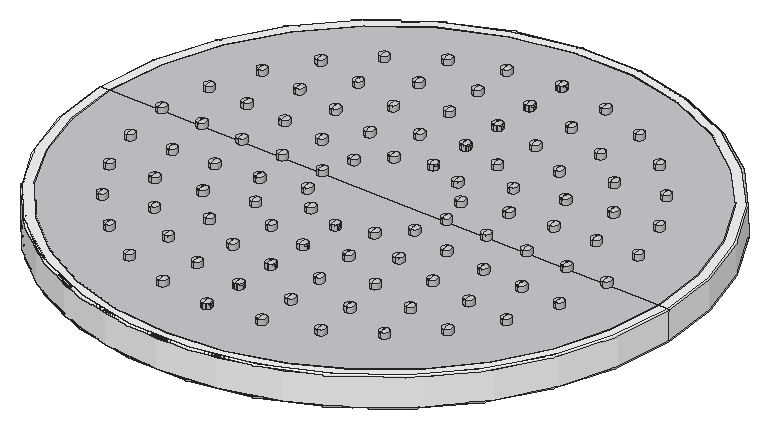
Revit family "Reece_Shower_GROHE_Tempesta_Overhead Shower", category Plumbing Fixtures, host Face, Revit 2018
Family settings
  Host = Face
  Round Connector Dimension = Use Diameter
  Part Type = Normal
  Cut with Voids When Loaded = No
  Shared = Yes
  Room Calculation Point = Yes
Parameters (values of type "Chrome_White Face")
  WFU = 0  # constant formula
  URL = "https://www.reece.com.au/product/-9508617"
  Type Comments = "Shower"
  Reece_Shower_Inlet = 12 mm  # constant formula
  Reece_Product_Web Page = "https://www.reece.com.au/product/-9508617"
  Reece_Product_Type = "Shower"  # constant formula
  Reece_Product_Sub Brand = "Tempesta"  # constant formula
  Reece_Product_Number = "9508617"
  Reece_Product_Mount = "Ceiling Mounted"
  Reece_Product_Description = "GROHE Tempesta Cosmo 200mm Overhead Shower White Face (3 Star)"
  Reece_Product_Brand = "GROHE"  # constant formula
  Reece_Overall_Height = 58 mm  # constant formula
  Reece_Overall-Diameter = 200 mm  # constant formula
  Reece_Material_Secondary = Reece_Plastic_White
  Reece_Material_Main [instance] = Reece_Brass_Chrome
  Reece_Detail_Disclaimer = "THIS FILE IS THE PROPERTY OF THE REECE GROUP. IT MAY NOT BE REPRODUCED, REVERSE-ENGINEERED OR MODIFIED. ANY REPUBLICATION, TRANSMISSION OR DISTRIBUTION FOR THE PURPOSE OF COMMERCIALLY EXPLOITING THE FILES IS PROHIBITED."  # constant formula
  Reece_Detail_Additional = "Overhead Shower"  # constant formula
  Model = "Tempesta"
  Manufacturer = "GROHE"
  Keynote = "Product #9508617, Reece_Shower_GROHE_Tempesta_Overhead Shower - Chrome_White Face"
  HWFU = 0  # constant formula
  Disclaimer = "THIS FILE IS THE PROPERTY OF THE REECE GROUP. IT MAY NOT BE REPRODUCED, REVERSE-ENGINEERED OR MODIFIED. ANY REPUBLICATION, TRANSMISSION OR DISTRIBUTION FOR THE PURPOSE OF COMMERCIALLY EXPLOITING THE FILES IS PROHIBITED."  # constant formula
  Description = "GROHE Tempesta Cosmo 200mm Overhead Shower White Face (3 Star)"
  Default Elevation = 0 mm
  CWFU = 0  # constant formula
Reference planes
  plane 1 "Center (Front/Back)": y = 0
  plane 2: z = 0
  plane 3 "Center (Left/Right)": x = -5
  plane 4: y = 100
  plane 5: y = -100
  plane 6: z = 58
  plane 7: x = -105
  plane 8: x = 95
  plane 9: z = 45.4
Forms (mm)
  Revolve 1, solid, material "Reece_Brass_Chrome" <- "Reece_Material_Main"
    sketch origin (0, 0, -187) x (1, 0, 0) y (0, 0, 1)
      loop
        arc (95, 242.411) -> (94.854, 242.765) -> (94.5, 242.911) r 0.5
        line (94.5, 242.911) -> (91.5, 242.911) -> (91.5, 235.638) -> (-5, 235.638) -> (-5, 187) -> (1, 187) -> (1, 191.03) -> (2.047, 191.03) -> (2.047, 187) -> (6.8, 187) -> (6.8, 202.4) -> (3, 202.4) -> (4, 203.4) -> (4, 205.4) -> (3, 206.4) -> (12.5, 206.4) -> (12.5, 220.4) -> (11.5, 220.4) -> (11.5, 221.4) -> (12.5, 221.4) -> (12.5, 230.4)
        arc (12.5, 230.4) -> (14.866, 231.882) -> (17.61, 232.4) r 7.528
        line (17.61, 232.4) -> (94.5, 232.4)
        arc (94.5, 232.4) -> (94.854, 232.546) -> (95, 232.9) r 0.5
        line (95, 232.9) -> (95, 242.411)
      axis (-5, 242.911) -> (-5, 187)
    angle from 0 to 360
  Extrusion 2, void
    sketch origin (0, 0, 15.4) x (1, 0, 0) y (0, 0, 1)
      loop
        line (-1.525, 0) -> (-8.525, 0) -> (-8.525, -4.106)
        arc (-8.525, -4.106) -> (-8.263, -4.738) -> (-7.63, -5) r 0.894
        line (-7.63, -5) -> (-2.39, -5)
        arc (-2.39, -5) -> (-1.778, -4.746) -> (-1.525, -4.134) r 0.866
        line (-1.525, -4.134) -> (-1.525, 0)
    from 9.41 to 15.941
  Extrusion 3, void
    sketch origin (0, 0, 15.4) x (1, 0, 0) y (0, 0, -1)
      loop
        line (-1.525, 0) -> (-1.525, 4.134)
        arc (-1.525, 4.134) -> (-1.778, 4.746) -> (-2.39, 5) r 0.866
        line (-2.39, 5) -> (-7.63, 5)
        arc (-7.63, 5) -> (-8.263, 4.738) -> (-8.525, 4.106) r 0.894
        line (-8.525, 4.106) -> (-8.525, 0) -> (-1.525, 0)
    from 9.41 to 15.941
  Revolve 4, solid, material "Reece_Plastic_White" <- "Reece_Material_Secondary"
    sketch origin (0, 0, 0) x (1, 0, 0) y (0, 0, 1)
      loop
        line (-5, 55.911) -> (-5, 48.638) -> (91.351, 48.638) -> (91.351, 55.911) -> (-5, 55.911)
      axis (-5, 48.638) -> (-5, 55.911)
    angle from 0 to 360
Cuts and joins
  Extrusion 2, Extrusion 3 cuts Revolve 1
Text (mm)
  text "Reece Copyright © 2018, Reece Ltd." at (-684.407, -223.434, 0), in view "Ref. Level"
  text "Reece ©" at (-376.822, 575.02, -217.389), in view "Reece_Preview"
Dimensions and locks
  equal spacing: plane 4, plane 1 "Center (Front/Back)", plane 5
  "Reece_Overall-Diameter": plane 4 to plane 5
  "Reece_Overall_Height": plane 6 to level
  "Reece_Overall-Diameter": plane 8 to plane 7
  aligned and locked: host face to plane 2
  aligned and locked: level to host face
Automatic sketch dimensions
  host sketch curve to host sketch curve = 444.296 mm
  host sketch curve to host sketch curve = 436.293 mm
  Extrusion 2 sketch curve to plane 3 "Center (Left/Right)" = 3.525 mm
  Extrusion 2 sketch curve to Extrusion 2 sketch curve = 0.894 mm
  plane 3 "Center (Left/Right)" to Extrusion 2 sketch curve = 2.61 mm
  plane 3 "Center (Left/Right)" to Extrusion 2 sketch curve = 3.475 mm
  level to Extrusion 2 sketch curve = 10.4 mm
  Extrusion 2 sketch curve to Extrusion 2 sketch curve = 4.106 mm
  Extrusion 3 sketch curve to plane 3 "Center (Left/Right)" = 3.525 mm
  Extrusion 3 sketch curve to Extrusion 3 sketch curve = 0.894 mm
  plane 3 "Center (Left/Right)" to Extrusion 3 sketch curve = 2.61 mm
  plane 3 "Center (Left/Right)" to Extrusion 3 sketch curve = 3.475 mm
  level to Extrusion 3 sketch curve = 15.4 mm
  Extrusion 3 sketch curve to Extrusion 3 sketch curve = 4.106 mm
  Revolve 1 sketch curve to plane 3 "Center (Left/Right)" = 0 mm  (x2)
  Revolve 1 sketch curve to level = 0 mm  (x2)
  Revolve 1 sketch curve to plane 9 = 0 mm
  Revolve 1 sketch curve to plane 8 = 0 mm
  plane 3 "Center (Left/Right)" to Revolve 1 sketch curve = 6 mm
  Revolve 1 sketch curve to Revolve 1 sketch curve = 1.047 mm
  plane 3 "Center (Left/Right)" to Revolve 1 sketch curve = 8 mm
  Revolve 1 sketch curve to Revolve 1 sketch curve = 0 mm
  Revolve 1 sketch curve to Revolve 1 sketch curve = 1 mm  (x6)
  Revolve 1 sketch curve to Revolve 1 sketch curve = 2.8 mm
  Revolve 1 sketch curve to Revolve 1 sketch curve = 8.5 mm
  plane 9 to Revolve 1 sketch curve = 2 mm
  Revolve 1 sketch curve to Revolve 1 sketch curve = 5.11 mm
  Revolve 1 sketch curve to plane 8 = 3.5 mm
  Revolve 1 sketch curve to Revolve 1 sketch curve = 0.5 mm
  Revolve 1 sketch curve to plane 8 = 0.5 mm
  level to Revolve 1 sketch curve = 4.03 mm
  Revolve 1 sketch curve to Revolve 1 sketch curve = 11.37 mm
  Revolve 1 sketch curve to Revolve 1 sketch curve = 2 mm
  Revolve 1 sketch curve to Revolve 1 sketch curve = 4.472 mm
  Revolve 1 sketch curve to plane 9 = 3.238 mm
  Revolve 1 sketch curve to plane 6 = 2.589 mm
  Revolve 1 sketch curve to Revolve 1 sketch curve = 796.6 mm
  plane 6 to Revolve 1 sketch curve = 122.4 mm
  Revolve 4 sketch curve to plane 3 "Center (Left/Right)" = 0 mm  (x2)
  Revolve 4 sketch curve to plane 8 = 3.649 mm
  Revolve 4 sketch curve to plane 9 = 3.238 mm
  Revolve 4 sketch curve to plane 6 = 2.089 mm
  Revolve 4 sketch curve to Revolve 4 sketch curve = 0 mm
  Revolve 4 sketch curve to Revolve 4 sketch curve = 0.511 mm
Nested families
  nested 1: "Nib_nested" at (-5, 78.003, 55.911), Reece_Material_Secondary <- "Reece_Material_Secondary", type "Nib_nested"
    with Reece_Material_Secondary Reece_Plastic_White
  nested 2: "Nib_nested" at (-5, 63.902, 55.911), Reece_Material_Secondary <- "Reece_Material_Secondary", type "Nib_nested"
    with Reece_Material_Secondary Reece_Plastic_White
  nested 3: "Nib_nested" at (-5, 49.8, 55.911), Reece_Material_Secondary <- "Reece_Material_Secondary", type "Nib_nested"
    with Reece_Material_Secondary Reece_Plastic_White
  nested 4: "Nib_nested" at (-5, 35.699, 55.911), Reece_Material_Secondary <- "Reece_Material_Secondary", type "Nib_nested"
    with Reece_Material_Secondary Reece_Plastic_White
  nested 5: "Nib_nested" at (-5, 21.597, 55.911), Reece_Material_Secondary <- "Reece_Material_Secondary", type "Nib_nested"
    with Reece_Material_Secondary Reece_Plastic_White
  nested 6: "Nib_nested" at (-22.404, 75.557, 55.911), Reece_Material_Secondary <- "Reece_Material_Secondary", type "Nib_nested"
    with Reece_Material_Secondary Reece_Plastic_White
  nested 7: "Nib_nested" at (-38.695, 69.948, 55.911), Reece_Material_Secondary <- "Reece_Material_Secondary", type "Nib_nested"
    with Reece_Material_Secondary Reece_Plastic_White
  nested 8: "Nib_nested" at (-53.393, 60.403, 55.911), Reece_Material_Secondary <- "Reece_Material_Secondary", type "Nib_nested"
    with Reece_Material_Secondary Reece_Plastic_White
  nested 9: "Nib_nested" at (-65.727, 48.069, 55.911), Reece_Material_Secondary <- "Reece_Material_Secondary", type "Nib_nested"
    with Reece_Material_Secondary Reece_Plastic_White
  nested 10: "Nib_nested" at (-74.792, 33.562, 55.911), Reece_Material_Secondary <- "Reece_Material_Secondary", type "Nib_nested"
    with Reece_Material_Secondary Reece_Plastic_White
  nested 11: "Nib_nested" at (-80.395, 17.291, 55.911), Reece_Material_Secondary <- "Reece_Material_Secondary", type "Nib_nested"
    with Reece_Material_Secondary Reece_Plastic_White
  nested 12: "Nib_nested" at (-21.475, 61.586, 55.911), Reece_Material_Secondary <- "Reece_Material_Secondary", type "Nib_nested"
    with Reece_Material_Secondary Reece_Plastic_White
  nested 13: "Nib_nested" at (-36.953, 55.016, 55.911), Reece_Material_Secondary <- "Reece_Material_Secondary", type "Nib_nested"
    with Reece_Material_Secondary Reece_Plastic_White
  nested 14: "Nib_nested" at (-49.976, 44.842, 55.911), Reece_Material_Secondary <- "Reece_Material_Secondary", type "Nib_nested"
    with Reece_Material_Secondary Reece_Plastic_White
  nested 15: "Nib_nested" at (-60.183, 31.777, 55.911), Reece_Material_Secondary <- "Reece_Material_Secondary", type "Nib_nested"
    with Reece_Material_Secondary Reece_Plastic_White
  nested 16: "Nib_nested" at (-66.39, 16.413, 55.911), Reece_Material_Secondary <- "Reece_Material_Secondary", type "Nib_nested"
    with Reece_Material_Secondary Reece_Plastic_White
  nested 17: "Nib_nested" at (-52.243, 15.424, 55.911), Reece_Material_Secondary <- "Reece_Material_Secondary", type "Nib_nested"
    with Reece_Material_Secondary Reece_Plastic_White
  nested 18: "Nib_nested" at (-37.881, 13.661, 55.911), Reece_Material_Secondary <- "Reece_Material_Secondary", type "Nib_nested"
    with Reece_Material_Secondary Reece_Plastic_White
  nested 19: "Nib_nested" at (-45.411, 29.172, 55.911), Reece_Material_Secondary <- "Reece_Material_Secondary", type "Nib_nested"
    with Reece_Material_Secondary Reece_Plastic_White
  nested 20: "Nib_nested" at (-34.194, 40.389, 55.911), Reece_Material_Secondary <- "Reece_Material_Secondary", type "Nib_nested"
    with Reece_Material_Secondary Reece_Plastic_White
  nested 21: "Nib_nested" at (-20.196, 47.521, 55.911), Reece_Material_Secondary <- "Reece_Material_Secondary", type "Nib_nested"
    with Reece_Material_Secondary Reece_Plastic_White
  nested 22: "Nib_nested" at (-18.629, 32.603, 55.911), Reece_Material_Secondary <- "Reece_Material_Secondary", type "Nib_nested"
    with Reece_Material_Secondary Reece_Plastic_White
  nested 23: "Nib_nested" at (-30.208, 25.084, 55.911), Reece_Material_Secondary <- "Reece_Material_Secondary", type "Nib_nested"
    with Reece_Material_Secondary Reece_Plastic_White
  nested 24: "Nib_nested" at (-23.787, 10.147, 55.911), Reece_Material_Secondary <- "Reece_Material_Secondary", type "Nib_nested"
    with Reece_Material_Secondary Reece_Plastic_White
  nested 25: "Nib_nested" at (-16.232, 18.248, 55.911), Reece_Material_Secondary <- "Reece_Material_Secondary", type "Nib_nested"
    with Reece_Material_Secondary Reece_Plastic_White
  nested 26: "Nib_nested" at (-5, 21.597, 55.911) x (-1, 0, 0) z (0, 0, 1), Reece_Material_Secondary <- "Reece_Material_Secondary", type "Nib_nested"
    with Reece_Material_Secondary Reece_Plastic_White
  nested 27: "Nib_nested" at (-5, 35.699, 55.911) x (-1, 0, 0) z (0, 0, 1), Reece_Material_Secondary <- "Reece_Material_Secondary", type "Nib_nested"
    with Reece_Material_Secondary Reece_Plastic_White
  nested 28: "Nib_nested" at (-5, 49.8, 55.911) x (-1, 0, 0) z (0, 0, 1), Reece_Material_Secondary <- "Reece_Material_Secondary", type "Nib_nested"
    with Reece_Material_Secondary Reece_Plastic_White
  nested 29: "Nib_nested" at (-5, 63.902, 55.911) x (-1, 0, 0) z (0, 0, 1), Reece_Material_Secondary <- "Reece_Material_Secondary", type "Nib_nested"
    with Reece_Material_Secondary Reece_Plastic_White
  nested 30: "Nib_nested" at (-5, 78.003, 55.911) x (-1, 0, 0) z (0, 0, 1), Reece_Material_Secondary <- "Reece_Material_Secondary", type "Nib_nested"
    with Reece_Material_Secondary Reece_Plastic_White
  nested 31: "Nib_nested" at (-5, -78.003, 55.911) x (-1, 0, 0) z (0, 0, 1), Reece_Material_Secondary <- "Reece_Material_Secondary", type "Nib_nested"
    with Reece_Material_Secondary Reece_Plastic_White
  nested 32: "Nib_nested" at (-5, -63.902, 55.911) x (-1, 0, 0) z (0, 0, 1), Reece_Material_Secondary <- "Reece_Material_Secondary", type "Nib_nested"
    with Reece_Material_Secondary Reece_Plastic_White
  nested 33: "Nib_nested" at (-5, -49.8, 55.911) x (-1, 0, 0) z (0, 0, 1), Reece_Material_Secondary <- "Reece_Material_Secondary", type "Nib_nested"
    with Reece_Material_Secondary Reece_Plastic_White
  nested 34: "Nib_nested" at (-5, -35.699, 55.911) x (-1, 0, 0) z (0, 0, 1), Reece_Material_Secondary <- "Reece_Material_Secondary", type "Nib_nested"
    with Reece_Material_Secondary Reece_Plastic_White
  nested 35: "Nib_nested" at (-5, -21.597, 55.911) x (-1, 0, 0) z (0, 0, 1), Reece_Material_Secondary <- "Reece_Material_Secondary", type "Nib_nested"
    with Reece_Material_Secondary Reece_Plastic_White
  nested 36: "Nib_nested" at (-5, -21.597, 55.911), Reece_Material_Secondary <- "Reece_Material_Secondary", type "Nib_nested"
    with Reece_Material_Secondary Reece_Plastic_White
  nested 37: "Nib_nested" at (-5, -35.699, 55.911), Reece_Material_Secondary <- "Reece_Material_Secondary", type "Nib_nested"
    with Reece_Material_Secondary Reece_Plastic_White
  nested 38: "Nib_nested" at (-5, -49.8, 55.911), Reece_Material_Secondary <- "Reece_Material_Secondary", type "Nib_nested"
    with Reece_Material_Secondary Reece_Plastic_White
  nested 39: "Nib_nested" at (-5, -63.902, 55.911), Reece_Material_Secondary <- "Reece_Material_Secondary", type "Nib_nested"
    with Reece_Material_Secondary Reece_Plastic_White
  nested 40: "Nib_nested" at (-5, -78.003, 55.911), Reece_Material_Secondary <- "Reece_Material_Secondary", type "Nib_nested"
    with Reece_Material_Secondary Reece_Plastic_White
  nested 41: "Nib_nested" at (-22.404, -75.557, 55.911), Reece_Material_Secondary <- "Reece_Material_Secondary", type "Nib_nested"
    with Reece_Material_Secondary Reece_Plastic_White
  nested 42: "Nib_nested" at (-38.695, -69.948, 55.911), Reece_Material_Secondary <- "Reece_Material_Secondary", type "Nib_nested"
    with Reece_Material_Secondary Reece_Plastic_White
  nested 43: "Nib_nested" at (-53.393, -60.403, 55.911), Reece_Material_Secondary <- "Reece_Material_Secondary", type "Nib_nested"
    with Reece_Material_Secondary Reece_Plastic_White
  nested 44: "Nib_nested" at (-65.727, -48.069, 55.911), Reece_Material_Secondary <- "Reece_Material_Secondary", type "Nib_nested"
    with Reece_Material_Secondary Reece_Plastic_White
  nested 45: "Nib_nested" at (-74.792, -33.562, 55.911), Reece_Material_Secondary <- "Reece_Material_Secondary", type "Nib_nested"
    with Reece_Material_Secondary Reece_Plastic_White
  nested 46: "Nib_nested" at (-80.395, -17.291, 55.911), Reece_Material_Secondary <- "Reece_Material_Secondary", type "Nib_nested"
    with Reece_Material_Secondary Reece_Plastic_White
  nested 47: "Nib_nested" at (-21.475, -61.586, 55.911), Reece_Material_Secondary <- "Reece_Material_Secondary", type "Nib_nested"
    with Reece_Material_Secondary Reece_Plastic_White
  nested 48: "Nib_nested" at (-36.953, -55.016, 55.911), Reece_Material_Secondary <- "Reece_Material_Secondary", type "Nib_nested"
    with Reece_Material_Secondary Reece_Plastic_White
  nested 49: "Nib_nested" at (-49.976, -44.842, 55.911), Reece_Material_Secondary <- "Reece_Material_Secondary", type "Nib_nested"
    with Reece_Material_Secondary Reece_Plastic_White
  nested 50: "Nib_nested" at (-60.183, -31.777, 55.911), Reece_Material_Secondary <- "Reece_Material_Secondary", type "Nib_nested"
    with Reece_Material_Secondary Reece_Plastic_White
  nested 51: "Nib_nested" at (-66.39, -16.413, 55.911), Reece_Material_Secondary <- "Reece_Material_Secondary", type "Nib_nested"
    with Reece_Material_Secondary Reece_Plastic_White
  nested 52: "Nib_nested" at (-52.243, -15.424, 55.911), Reece_Material_Secondary <- "Reece_Material_Secondary", type "Nib_nested"
    with Reece_Material_Secondary Reece_Plastic_White
  nested 53: "Nib_nested" at (-37.881, -13.661, 55.911), Reece_Material_Secondary <- "Reece_Material_Secondary", type "Nib_nested"
    with Reece_Material_Secondary Reece_Plastic_White
  nested 54: "Nib_nested" at (-45.411, -29.172, 55.911), Reece_Material_Secondary <- "Reece_Material_Secondary", type "Nib_nested"
    with Reece_Material_Secondary Reece_Plastic_White
  nested 55: "Nib_nested" at (-34.194, -40.389, 55.911), Reece_Material_Secondary <- "Reece_Material_Secondary", type "Nib_nested"
    with Reece_Material_Secondary Reece_Plastic_White
  nested 56: "Nib_nested" at (-20.196, -47.521, 55.911), Reece_Material_Secondary <- "Reece_Material_Secondary", type "Nib_nested"
    with Reece_Material_Secondary Reece_Plastic_White
  nested 57: "Nib_nested" at (-18.629, -32.603, 55.911), Reece_Material_Secondary <- "Reece_Material_Secondary", type "Nib_nested"
    with Reece_Material_Secondary Reece_Plastic_White
  nested 58: "Nib_nested" at (-30.208, -25.084, 55.911), Reece_Material_Secondary <- "Reece_Material_Secondary", type "Nib_nested"
    with Reece_Material_Secondary Reece_Plastic_White
  nested 59: "Nib_nested" at (-23.787, -10.147, 55.911), Reece_Material_Secondary <- "Reece_Material_Secondary", type "Nib_nested"
    with Reece_Material_Secondary Reece_Plastic_White
  nested 60: "Nib_nested" at (-16.232, -18.248, 55.911), Reece_Material_Secondary <- "Reece_Material_Secondary", type "Nib_nested"
    with Reece_Material_Secondary Reece_Plastic_White
  nested 61: "Nib_nested" at (12.404, 75.557, 55.911) x (-1, 0, 0) z (0, 0, 1), Reece_Material_Secondary <- "Reece_Material_Secondary", type "Nib_nested"
    with Reece_Material_Secondary Reece_Plastic_White
  nested 62: "Nib_nested" at (28.695, 69.948, 55.911) x (-1, 0, 0) z (0, 0, 1), Reece_Material_Secondary <- "Reece_Material_Secondary", type "Nib_nested"
    with Reece_Material_Secondary Reece_Plastic_White
  nested 63: "Nib_nested" at (43.393, 60.403, 55.911) x (-1, 0, 0) z (0, 0, 1), Reece_Material_Secondary <- "Reece_Material_Secondary", type "Nib_nested"
    with Reece_Material_Secondary Reece_Plastic_White
  nested 64: "Nib_nested" at (55.727, 48.069, 55.911) x (-1, 0, 0) z (0, 0, 1), Reece_Material_Secondary <- "Reece_Material_Secondary", type "Nib_nested"
    with Reece_Material_Secondary Reece_Plastic_White
  nested 65: "Nib_nested" at (64.792, 33.562, 55.911) x (-1, 0, 0) z (0, 0, 1), Reece_Material_Secondary <- "Reece_Material_Secondary", type "Nib_nested"
    with Reece_Material_Secondary Reece_Plastic_White
  nested 66: "Nib_nested" at (70.395, 17.291, 55.911) x (-1, 0, 0) z (0, 0, 1), Reece_Material_Secondary <- "Reece_Material_Secondary", type "Nib_nested"
    with Reece_Material_Secondary Reece_Plastic_White
  nested 67: "Nib_nested" at (11.475, 61.586, 55.911) x (-1, 0, 0) z (0, 0, 1), Reece_Material_Secondary <- "Reece_Material_Secondary", type "Nib_nested"
    with Reece_Material_Secondary Reece_Plastic_White
  nested 68: "Nib_nested" at (26.953, 55.016, 55.911) x (-1, 0, 0) z (0, 0, 1), Reece_Material_Secondary <- "Reece_Material_Secondary", type "Nib_nested"
    with Reece_Material_Secondary Reece_Plastic_White
  nested 69: "Nib_nested" at (39.976, 44.842, 55.911) x (-1, 0, 0) z (0, 0, 1), Reece_Material_Secondary <- "Reece_Material_Secondary", type "Nib_nested"
    with Reece_Material_Secondary Reece_Plastic_White
  nested 70: "Nib_nested" at (50.183, 31.777, 55.911) x (-1, 0, 0) z (0, 0, 1), Reece_Material_Secondary <- "Reece_Material_Secondary", type "Nib_nested"
    with Reece_Material_Secondary Reece_Plastic_White
  nested 71: "Nib_nested" at (56.39, 16.413, 55.911) x (-1, 0, 0) z (0, 0, 1), Reece_Material_Secondary <- "Reece_Material_Secondary", type "Nib_nested"
    with Reece_Material_Secondary Reece_Plastic_White
  nested 72: "Nib_nested" at (42.243, 15.424, 55.911) x (-1, 0, 0) z (0, 0, 1), Reece_Material_Secondary <- "Reece_Material_Secondary", type "Nib_nested"
    with Reece_Material_Secondary Reece_Plastic_White
  nested 73: "Nib_nested" at (27.881, 13.661, 55.911) x (-1, 0, 0) z (0, 0, 1), Reece_Material_Secondary <- "Reece_Material_Secondary", type "Nib_nested"
    with Reece_Material_Secondary Reece_Plastic_White
  nested 74: "Nib_nested" at (35.411, 29.172, 55.911) x (-1, 0, 0) z (0, 0, 1), Reece_Material_Secondary <- "Reece_Material_Secondary", type "Nib_nested"
    with Reece_Material_Secondary Reece_Plastic_White
  nested 75: "Nib_nested" at (24.194, 40.389, 55.911) x (-1, 0, 0) z (0, 0, 1), Reece_Material_Secondary <- "Reece_Material_Secondary", type "Nib_nested"
    with Reece_Material_Secondary Reece_Plastic_White
  nested 76: "Nib_nested" at (10.196, 47.521, 55.911) x (-1, 0, 0) z (0, 0, 1), Reece_Material_Secondary <- "Reece_Material_Secondary", type "Nib_nested"
    with Reece_Material_Secondary Reece_Plastic_White
  nested 77: "Nib_nested" at (8.629, 32.603, 55.911) x (-1, 0, 0) z (0, 0, 1), Reece_Material_Secondary <- "Reece_Material_Secondary", type "Nib_nested"
    with Reece_Material_Secondary Reece_Plastic_White
  nested 78: "Nib_nested" at (20.208, 25.084, 55.911) x (-1, 0, 0) z (0, 0, 1), Reece_Material_Secondary <- "Reece_Material_Secondary", type "Nib_nested"
    with Reece_Material_Secondary Reece_Plastic_White
  nested 79: "Nib_nested" at (13.787, 10.147, 55.911) x (-1, 0, 0) z (0, 0, 1), Reece_Material_Secondary <- "Reece_Material_Secondary", type "Nib_nested"
    with Reece_Material_Secondary Reece_Plastic_White
  nested 80: "Nib_nested" at (6.232, 18.248, 55.911) x (-1, 0, 0) z (0, 0, 1), Reece_Material_Secondary <- "Reece_Material_Secondary", type "Nib_nested"
    with Reece_Material_Secondary Reece_Plastic_White
  nested 81: "Nib_nested" at (12.404, -75.557, 55.911) x (-1, 0, 0) z (0, 0, 1), Reece_Material_Secondary <- "Reece_Material_Secondary", type "Nib_nested"
    with Reece_Material_Secondary Reece_Plastic_White
  nested 82: "Nib_nested" at (28.695, -69.948, 55.911) x (-1, 0, 0) z (0, 0, 1), Reece_Material_Secondary <- "Reece_Material_Secondary", type "Nib_nested"
    with Reece_Material_Secondary Reece_Plastic_White
  nested 83: "Nib_nested" at (43.393, -60.403, 55.911) x (-1, 0, 0) z (0, 0, 1), Reece_Material_Secondary <- "Reece_Material_Secondary", type "Nib_nested"
    with Reece_Material_Secondary Reece_Plastic_White
  nested 84: "Nib_nested" at (55.727, -48.069, 55.911) x (-1, 0, 0) z (0, 0, 1), Reece_Material_Secondary <- "Reece_Material_Secondary", type "Nib_nested"
    with Reece_Material_Secondary Reece_Plastic_White
  nested 85: "Nib_nested" at (64.792, -33.562, 55.911) x (-1, 0, 0) z (0, 0, 1), Reece_Material_Secondary <- "Reece_Material_Secondary", type "Nib_nested"
    with Reece_Material_Secondary Reece_Plastic_White
  nested 86: "Nib_nested" at (70.395, -17.291, 55.911) x (-1, 0, 0) z (0, 0, 1), Reece_Material_Secondary <- "Reece_Material_Secondary", type "Nib_nested"
    with Reece_Material_Secondary Reece_Plastic_White
  nested 87: "Nib_nested" at (11.475, -61.586, 55.911) x (-1, 0, 0) z (0, 0, 1), Reece_Material_Secondary <- "Reece_Material_Secondary", type "Nib_nested"
    with Reece_Material_Secondary Reece_Plastic_White
  nested 88: "Nib_nested" at (26.953, -55.016, 55.911) x (-1, 0, 0) z (0, 0, 1), Reece_Material_Secondary <- "Reece_Material_Secondary", type "Nib_nested"
    with Reece_Material_Secondary Reece_Plastic_White
  nested 89: "Nib_nested" at (39.976, -44.842, 55.911) x (-1, 0, 0) z (0, 0, 1), Reece_Material_Secondary <- "Reece_Material_Secondary", type "Nib_nested"
    with Reece_Material_Secondary Reece_Plastic_White
  nested 90: "Nib_nested" at (50.183, -31.777, 55.911) x (-1, 0, 0) z (0, 0, 1), Reece_Material_Secondary <- "Reece_Material_Secondary", type "Nib_nested"
    with Reece_Material_Secondary Reece_Plastic_White
  nested 91: "Nib_nested" at (56.39, -16.413, 55.911) x (-1, 0, 0) z (0, 0, 1), Reece_Material_Secondary <- "Reece_Material_Secondary", type "Nib_nested"
    with Reece_Material_Secondary Reece_Plastic_White
  nested 92: "Nib_nested" at (42.243, -15.424, 55.911) x (-1, 0, 0) z (0, 0, 1), Reece_Material_Secondary <- "Reece_Material_Secondary", type "Nib_nested"
    with Reece_Material_Secondary Reece_Plastic_White
  nested 93: "Nib_nested" at (27.881, -13.661, 55.911) x (-1, 0, 0) z (0, 0, 1), Reece_Material_Secondary <- "Reece_Material_Secondary", type "Nib_nested"
    with Reece_Material_Secondary Reece_Plastic_White
  nested 94: "Nib_nested" at (35.411, -29.172, 55.911) x (-1, 0, 0) z (0, 0, 1), Reece_Material_Secondary <- "Reece_Material_Secondary", type "Nib_nested"
    with Reece_Material_Secondary Reece_Plastic_White
  nested 95: "Nib_nested" at (24.194, -40.389, 55.911) x (-1, 0, 0) z (0, 0, 1), Reece_Material_Secondary <- "Reece_Material_Secondary", type "Nib_nested"
    with Reece_Material_Secondary Reece_Plastic_White
  nested 96: "Nib_nested" at (10.196, -47.521, 55.911) x (-1, 0, 0) z (0, 0, 1), Reece_Material_Secondary <- "Reece_Material_Secondary", type "Nib_nested"
    with Reece_Material_Secondary Reece_Plastic_White
  nested 97: "Nib_nested" at (8.629, -32.603, 55.911) x (-1, 0, 0) z (0, 0, 1), Reece_Material_Secondary <- "Reece_Material_Secondary", type "Nib_nested"
    with Reece_Material_Secondary Reece_Plastic_White
  nested 98: "Nib_nested" at (20.208, -25.084, 55.911) x (-1, 0, 0) z (0, 0, 1), Reece_Material_Secondary <- "Reece_Material_Secondary", type "Nib_nested"
    with Reece_Material_Secondary Reece_Plastic_White
  nested 99: "Nib_nested" at (13.787, -10.147, 55.911) x (-1, 0, 0) z (0, 0, 1), Reece_Material_Secondary <- "Reece_Material_Secondary", type "Nib_nested"
    with Reece_Material_Secondary Reece_Plastic_White
  nested 100: "Nib_nested" at (6.232, -18.248, 55.911) x (-1, 0, 0) z (0, 0, 1), Reece_Material_Secondary <- "Reece_Material_Secondary", type "Nib_nested"
    with Reece_Material_Secondary Reece_Plastic_White
  nested 101: "Nib_nested" at (16.819, 0, 55.911) x (-1, 0, 0) z (0, 0, 1), Reece_Material_Secondary <- "Reece_Material_Secondary", type "Nib_nested"
    with Reece_Material_Secondary Reece_Plastic_White
  nested 102: "Nib_nested" at (30.916, 0, 55.911) x (-1, 0, 0) z (0, 0, 1), Reece_Material_Secondary <- "Reece_Material_Secondary", type "Nib_nested"
    with Reece_Material_Secondary Reece_Plastic_White
  nested 103: "Nib_nested" at (45.014, 0, 55.911) x (-1, 0, 0) z (0, 0, 1), Reece_Material_Secondary <- "Reece_Material_Secondary", type "Nib_nested"
    with Reece_Material_Secondary Reece_Plastic_White
  nested 104: "Nib_nested" at (59.111, 0, 55.911) x (-1, 0, 0) z (0, 0, 1), Reece_Material_Secondary <- "Reece_Material_Secondary", type "Nib_nested"
    with Reece_Material_Secondary Reece_Plastic_White
  nested 105: "Nib_nested" at (73.209, 0, 55.911) x (-1, 0, 0) z (0, 0, 1), Reece_Material_Secondary <- "Reece_Material_Secondary", type "Nib_nested"
    with Reece_Material_Secondary Reece_Plastic_White
  nested 106: "Nib_nested" at (-26.819, 0, 55.911), Reece_Material_Secondary <- "Reece_Material_Secondary", type "Nib_nested"
    with Reece_Material_Secondary Reece_Plastic_White
  nested 107: "Nib_nested" at (-40.916, 0, 55.911), Reece_Material_Secondary <- "Reece_Material_Secondary", type "Nib_nested"
    with Reece_Material_Secondary Reece_Plastic_White
  nested 108: "Nib_nested" at (-55.014, 0, 55.911), Reece_Material_Secondary <- "Reece_Material_Secondary", type "Nib_nested"
    with Reece_Material_Secondary Reece_Plastic_White
  nested 109: "Nib_nested" at (-69.111, 0, 55.911), Reece_Material_Secondary <- "Reece_Material_Secondary", type "Nib_nested"
    with Reece_Material_Secondary Reece_Plastic_White
  nested 110: "Nib_nested" at (-83.209, 0, 55.911), Reece_Material_Secondary <- "Reece_Material_Secondary", type "Nib_nested"
    with Reece_Material_Secondary Reece_Plastic_White
Connectors
  piping at (-5, 0, 0), diameter 12, driven by "Reece_Shower_Inlet"
    settings: on cut or joined group of Revolve 1, Extrusion 2, Extrusion 3, index 1, connector inside diameter 609.6 mm, connector length 0 mm, flow factor 0, pipe flow 0.0 L/s, pressure drop 0.0 Pa, fitting loss kfactor 0, connector angle 0.00°, fixture units 0, engagement length 0 mm, angle of deflection 0.00°, flow configuration 0, flow direction 1, fitting loss method 0, system type 29, joint type 0, gender type 0, connector reference index -1, connector utility 0, adjustable connector no, is connector primary yes, connector description ""
Definition of nested family "Nib_nested"
  Parameters (values of type "Nib_nested")
    Reece_Material_Secondary [instance] = none
    Default Elevation = 0 mm
  Reference planes
    plane 1 "Center (Front/Back)": y = 0
    plane 2: z = 0
    plane 3 "Center (Left/Right)": x = 0
  Forms (mm)
    Extrusion 1, solid
      sketch origin (0, 0, 0) x (1, 0, 0) y (0, 1, 0)
        loop
          line (-9.945, 8.653) -> (-9.945, -8.495) -> (9.512, -8.495) -> (9.512, 8.653) -> (-9.945, 8.653)
      from 0 to -2
    Revolve 2, solid, material <- "Reece_Material_Secondary", detail levels fine
      sketch origin (0, -226.111, 0) x (0, 1, 0) y (0, 0, 1)
        loop
          line (227.698, 0) -> (227.698, 1.638)
          arc (227.698, 1.638) -> (227.077, 2.001) -> (226.363, 2.089) r 1.783
          line (226.363, 2.089) -> (226.363, 0) -> (227.698, 0)
        axis (226.111, 0) -> (226.111, 2.089)
      angle from 0 to 360
  Text (mm)
    text "Reece ©" at (671.782, -497.484, 486.721), in view "Reece_Preview"
  Dimensions and locks
    aligned and locked: plane 2 to Extrusion 1
    aligned and locked: level to Extrusion 1
